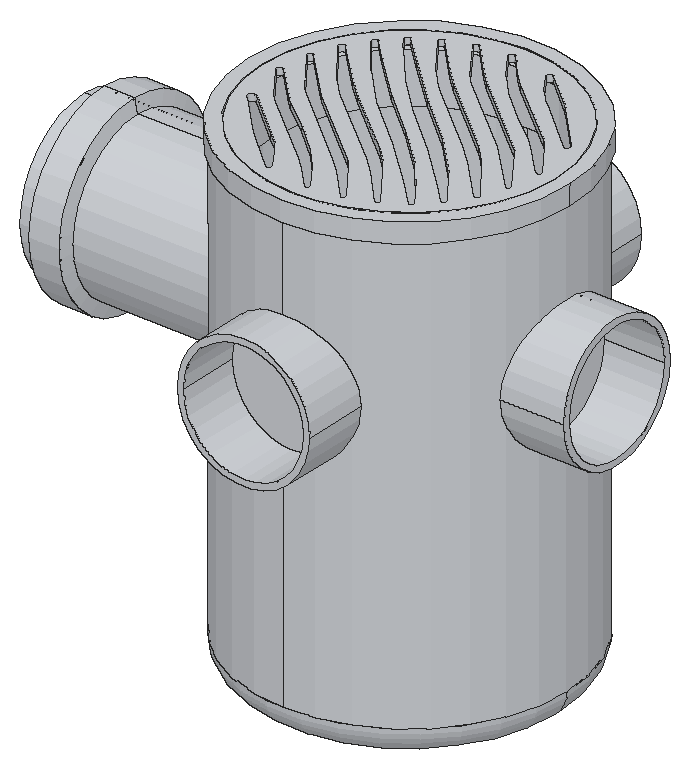
Revit family "Cx_Sifonada_100x150x50", category Plumbing Fixtures, host Face, Revit 2025
Family settings
  Host = Face
  Round Connector Dimension = Use Radius
  Part Type = Normal
  Enable Cutting in Views = No
  Cut with Voids When Loaded = No
  Maintain Annotation Orientation = No
  Shared = No
  Room Calculation Point = No
Parameters (values of type "Grelha e porta grelha redondos brancos - DN 100 x 150 x 50")
  URL = "http://www.tigre.com.br"
  UHC [instance] = 2
  Tigre: Sistema = "Esgoto"  # constant formula
  Tigre: Norma = ""
  Tigre: Material = "Branco"
  Tigre: Marcador [instance] = "00"
  Tigre: Link do Produto = "http://www.tigre.com.br/pt/produtos_unico.php?rcr_id=4&cpr_id=10&cpr_id_pai=4&lnh_id=11&prd_id=126"
  Tigre: Linha = "Caixas e Ralos"  # constant formula
  Tigre: Fabricante = "© Tigre S/A"  # constant formula
  Tigre: Descrição = "Caixa Sifonada Montada c/ Grelha e Porta Grelha, redondos brancos 100 x 150 x 50mm, Esgoto - TIGRE"
  Tigre: Código com Separador [instance] = "27.03.951.0"
  Tigre: Código = 27039510
  Tigre: Comentários [instance] = ""
  Raio do Corpo = 52.50 mm
  Raio Interno Porta Grelha = 48.70 mm
  Raio Externo Porta Grelha = 53.50 mm
  Raio do Anel = 31.40 mm
  Raio Nominal 2 = Diâmetro Nominal 2 / 2  # 20.00 mm
  Raio Nominal 1 = Diâmetro Nominal 1 / 2  # 25.00 mm
  Raio Externo 2 = Raio Nominal 2 + 2.00 mm  # 22.00 mm
  Raio Externo 1 = Raio Nominal 1 + 2.00 mm  # 27.00 mm
  Prolongador [instance] = Distância do Prolongador > 0.00 mm  # no
  Porta Grelha Redonda = yes
  Porta Grelha Quadrada = no
  Porta Grelha [instance] = none
  Plolongador. [instance] = none
  Model = ""
  Manufacturer = Tigre: Fabricante  # "© Tigre S/A"
  Grelha Redonda = yes
  Grelha Quadrada = no
  Grelha [instance] = none
  Diâmetro Nominal 2 = 40.00 mm
  Diâmetro Nominal 1 = 50.00 mm
  Description = Tigre: Descrição  # "Caixa Sifonada Montada c/ Grelha e Porta Grelha, redondos brancos 100 x 150 x 50mm, Esgoto - TIGRE"
  Default Elevation = 0.00 mm
  Cota L1 = 107.80 mm
  Distância do Prolongador [instance] = 0.00 mm
  Cota B = 105.00 mm
  Cota A = 155.00 mm
  Comprimento do Tubo [instance] = if(Distância do Prolongador > 0.00 mm, Distância do Prolongador + 15.00 mm, Distância do Prolongador + 1.00 mm)  # 1.00 mm
  Caixas e Ralos [instance] = none
  Anel = 10.00 mm
Reference planes
  plane 1 "Center (Front/Back)": y = 0
  plane 2: z = 0
  plane 3 "Center (Left/Right)": x = 0
  plane 4: z = -161.5
  plane 5: z = -6.5
  plane 6: z = -56.5
  plane 7: z = 0
  plane 8: z = -6.5
  plane 9: z = -2
Forms (mm)
  Sweep 1, solid, material <- "Caixas e Ralos", detail levels fine
    path origin (0, 0, 0) x (1, 0, 0) y (0, 0, 1)
      loop
        line (0, -6.5) -> (0, -151.5)
    profile origin (0, 0, -79) x (0, -1, 0) y (1, 0, 0)
      loop
        circle (0, 0) r 52.5
  Revolve 2, solid, material <- "Caixas e Ralos", detail levels fine
    sketch origin (0, 0, 0) x (1, 0, 0) y (0, 0, 1)
      loop
        line (0, -151.5) -> (-52.5, -151.5)
        arc (-52.5, -151.5) -> (-49.571, -158.571) -> (-42.5, -161.5) r 10
        line (-42.5, -161.5) -> (0, -161.5) -> (0, -151.5)
      axis (0, -151.5) -> (0, -161.5)
    angle from 0 to 360
  Sweep 3, solid, material <- "Caixas e Ralos", detail levels fine
    path origin (0, 0, 0) x (1, 0, 0) y (0, 0, 1)
      loop
        line (0, -56.5) -> (-107.8, -56.5)
    profile origin (-53.9, 0, -56.5) x (0, 0, -1) y (0, -1, 0)
      loop
        circle (0, 0) r 27
  Sweep 4, solid, material <- "Caixas e Ralos", detail levels fine
    path origin (-107.8, -4572, -56.5) x (0, -1, 0) y (1, 0, 0)
      loop
        line (-4640.9, 107.8) -> (-4503.1, 107.8)
    profile origin (0, 0, -56.5) x (1, 0, 0) y (0, 0, 1)
      loop
        circle (0, 0) r 22
  Sweep 5, solid, material <- "Caixas e Ralos", detail levels fine
    path origin (-107.8, -4572, -56.5) x (0, -1, 0) y (1, 0, 0)
      loop
        line (-4572, 107.8) -> (-4572, 176.7)
    profile origin (34.45, 0, -56.5) x (0, 1, 0) y (0, 0, 1)
      loop
        circle (0, 0) r 22
  SweptBlend 6, solid, material <- "Caixas e Ralos", detail levels fine
    path origin (0, 0, 0) x (1, 0, 0) y (0, 0, 1)
      loop
        line (-102.561, -56.5) -> (-101.221, -56.5)
    profile origin (-102.561, 0, -56.5) x (0, 0, 1) y (0, -1, 0)
      loop
        circle (0, 0) r 27
    end profile origin (-101.221, 0, -56.5) x (0, 0, 1) y (0, -1, 0)
      loop
        circle (0, 0) r 31.4
  Sweep 7, solid, material <- "Caixas e Ralos", detail levels fine
    path origin (0, 0, 0) x (1, 0, 0) y (0, 0, 1)
      loop
        line (-101.221, -56.5) -> (-91.221, -56.5)
    profile origin (-96.221, 0, -56.5) x (0, 0, 1) y (0, -1, 0)
      loop
        circle (0, 0) r 31.4
  SweptBlend 8, solid, material <- "Caixas e Ralos", detail levels fine
    path origin (0, 0, 0) x (1, 0, 0) y (0, 0, 1)
      loop
        line (-91.221, -56.5) -> (-90.287, -56.5)
    profile origin (-91.221, 0, -56.5) x (0, 0, 1) y (0, -1, 0)
      loop
        circle (0, 0) r 31.4
    end profile origin (-90.287, 0, -56.5) x (0, 0, 1) y (0, -1, 0)
      loop
        circle (0, 0) r 27
  Sweep 9, void
    path origin (0, 0, 0) x (1, 0, 0) y (0, 0, 1)
      loop
        line (0, -6.5) -> (0, -151.5)
    profile origin (0, 0, -79) x (0, -1, 0) y (1, 0, 0)
      loop
        circle (0, 0) r 48.75
  Extrusion 10, solid, material <- "Grelha", visible <- "Grelha Redonda", detail levels fine
    sketch origin (-107.8, -4572, -56.5) x (0, -1, 0) y (-1, 0, 0)
      loop
        line (-4613.963, -122.292) -> (-4603.88, -133.891)
        arc (-4603.88, -133.891) -> (-4602.17, -135.757) -> (-4600.365, -137.531) r 48.331
        line (-4600.365, -137.531) -> (-4588.06, -149.006)
        arc (-4588.06, -149.006) -> (-4586.306, -148.945) -> (-4586.365, -147.192) r 1.241
        arc (-4586.365, -147.192) -> (-4593.342, -139.947) -> (-4599.53, -132.019) r 96.922
        arc (-4599.53, -132.019) -> (-4602.756, -128.174) -> (-4606.601, -124.948) r 28.794
        line (-4606.601, -124.948) -> (-4612.583, -120.759)
        arc (-4612.583, -120.759) -> (-4613.951, -120.915) -> (-4613.963, -122.292) r 1.039
      loop
        line (-4616.038, -107.841) -> (-4609.045, -114.363)
        arc (-4609.045, -114.363) -> (-4607.045, -116.345) -> (-4605.17, -118.446) r 46.107
        line (-4605.17, -118.446) -> (-4585.908, -141.401)
        arc (-4585.908, -141.401) -> (-4584.719, -142.662) -> (-4583.393, -143.777) r 15
        line (-4583.393, -143.777) -> (-4572.372, -152.009)
        arc (-4572.372, -152.009) -> (-4570.975, -151.851) -> (-4571.044, -150.447) r 1.027
        line (-4571.044, -150.447) -> (-4581.132, -140.705)
        arc (-4581.132, -140.705) -> (-4582.454, -139.337) -> (-4583.677, -137.879) r 27.259
        line (-4583.677, -137.879) -> (-4591.133, -128.336)
        arc (-4591.133, -128.336) -> (-4595.322, -123.238) -> (-4599.756, -118.353) r 134.146
        arc (-4599.756, -118.353) -> (-4602.985, -115.245) -> (-4606.467, -112.425) r 52.299
        arc (-4606.467, -112.425) -> (-4610.631, -109.37) -> (-4614.824, -106.354) r 542.781
        arc (-4614.824, -106.354) -> (-4616.127, -106.529) -> (-4616.038, -107.841) r 0.962
      loop
        line (-4614.451, -97.201) -> (-4604.474, -106.504)
        arc (-4604.474, -106.504) -> (-4602.295, -108.664) -> (-4600.251, -110.954) r 50.253
        line (-4600.251, -110.954) -> (-4577.491, -138.078)
        arc (-4577.491, -138.078) -> (-4576.596, -139.028) -> (-4575.598, -139.867) r 11.29
        line (-4575.598, -139.867) -> (-4561.447, -150.436)
        arc (-4561.447, -150.436) -> (-4560.163, -150.291) -> (-4560.226, -149) r 0.944
        line (-4560.226, -149) -> (-4573.742, -135.948)
        arc (-4573.742, -135.948) -> (-4574.628, -135.047) -> (-4575.465, -134.1) r 24.143
        line (-4575.465, -134.1) -> (-4597.495, -107.846)
        arc (-4597.495, -107.846) -> (-4598.857, -106.411) -> (-4600.384, -105.152) r 16.207
        line (-4600.384, -105.152) -> (-4613.281, -95.782)
        arc (-4613.281, -95.782) -> (-4614.533, -95.941) -> (-4614.451, -97.201) r 0.921
      loop
        line (-4610.961, -88.448) -> (-4599.284, -99.338)
        arc (-4599.284, -99.338) -> (-4596.595, -102.003) -> (-4594.073, -104.828) r 61.998
        line (-4594.073, -104.828) -> (-4572.559, -130.469)
        arc (-4572.559, -130.469) -> (-4569.643, -133.595) -> (-4566.416, -136.4) r 40.846
        line (-4566.416, -136.4) -> (-4552.728, -147.095)
        arc (-4552.728, -147.095) -> (-4551.262, -146.953) -> (-4551.326, -145.481) r 1.07
        line (-4551.326, -145.481) -> (-4564.482, -132.776)
        arc (-4564.482, -132.776) -> (-4567.447, -129.76) -> (-4570.25, -126.592) r 80.789
        line (-4570.25, -126.592) -> (-4588.924, -104.337)
        arc (-4588.924, -104.337) -> (-4592.791, -100.235) -> (-4597.106, -96.606) r 48.8
        line (-4597.106, -96.606) -> (-4609.835, -87.099)
        arc (-4609.835, -87.099) -> (-4611.037, -87.24) -> (-4610.961, -88.448) r 0.88
      loop
        line (-4606.273, -80.985) -> (-4597.594, -89.664)
        arc (-4597.594, -89.664) -> (-4590.595, -96.912) -> (-4583.853, -104.4) r 288.662
        line (-4583.853, -104.4) -> (-4569.553, -120.851)
        arc (-4569.553, -120.851) -> (-4563.493, -127.181) -> (-4556.854, -132.901) r 91.322
        line (-4556.854, -132.901) -> (-4545.242, -141.973)
        arc (-4545.242, -141.973) -> (-4543.881, -141.842) -> (-4543.94, -140.475) r 0.994
        line (-4543.94, -140.475) -> (-4549.663, -134.949)
        arc (-4549.663, -134.949) -> (-4556.693, -127.857) -> (-4563.407, -120.466) r 228.86
        line (-4563.407, -120.466) -> (-4576.452, -105.46)
        arc (-4576.452, -105.46) -> (-4588.424, -93.089) -> (-4601.647, -82.066) r 161.164
        line (-4601.647, -82.066) -> (-4605.025, -79.543)
        arc (-4605.025, -79.543) -> (-4606.32, -79.683) -> (-4606.273, -80.985) r 0.956
      loop
        line (-4530.031, -93.415) -> (-4540.114, -81.815)
        arc (-4540.114, -81.815) -> (-4541.824, -79.95) -> (-4543.629, -78.176) r 48.331
        line (-4543.629, -78.176) -> (-4555.934, -66.701)
        arc (-4555.934, -66.701) -> (-4557.688, -66.761) -> (-4557.629, -68.515) r 1.241
        arc (-4557.629, -68.515) -> (-4550.653, -75.759) -> (-4544.464, -83.688) r 96.922
        arc (-4544.464, -83.688) -> (-4541.238, -87.532) -> (-4537.393, -90.759) r 28.794
        line (-4537.393, -90.759) -> (-4531.411, -94.947)
        arc (-4531.411, -94.947) -> (-4530.043, -94.792) -> (-4530.031, -93.415) r 1.039
      loop
        line (-4527.956, -107.866) -> (-4534.949, -101.344)
        arc (-4534.949, -101.344) -> (-4536.949, -99.362) -> (-4538.824, -97.261) r 46.107
        line (-4538.824, -97.261) -> (-4558.086, -74.306)
        arc (-4558.086, -74.306) -> (-4559.275, -73.045) -> (-4560.601, -71.929) r 15
        line (-4560.601, -71.929) -> (-4571.622, -63.698)
        arc (-4571.622, -63.698) -> (-4573.019, -63.856) -> (-4572.95, -65.259) r 1.027
        line (-4572.95, -65.259) -> (-4562.862, -75.001)
        arc (-4562.862, -75.001) -> (-4561.54, -76.37) -> (-4560.317, -77.828) r 27.259
        line (-4560.317, -77.828) -> (-4552.861, -87.371)
        arc (-4552.861, -87.371) -> (-4548.672, -92.469) -> (-4544.238, -97.354) r 134.146
        arc (-4544.238, -97.354) -> (-4541.009, -100.462) -> (-4537.527, -103.282) r 52.299
        arc (-4537.527, -103.282) -> (-4533.363, -106.337) -> (-4529.17, -109.353) r 542.781
        arc (-4529.17, -109.353) -> (-4527.867, -109.178) -> (-4527.956, -107.866) r 0.962
      loop
        line (-4529.543, -118.506) -> (-4539.52, -109.203)
        arc (-4539.52, -109.203) -> (-4541.699, -107.042) -> (-4543.743, -104.752) r 50.253
        line (-4543.743, -104.752) -> (-4566.503, -77.628)
        arc (-4566.503, -77.628) -> (-4567.398, -76.679) -> (-4568.396, -75.84) r 11.29
        line (-4568.396, -75.84) -> (-4582.547, -65.271)
        arc (-4582.547, -65.271) -> (-4583.831, -65.416) -> (-4583.768, -66.707) r 0.944
        line (-4583.768, -66.707) -> (-4570.252, -79.759)
        arc (-4570.252, -79.759) -> (-4569.366, -80.66) -> (-4568.529, -81.607) r 24.143
        line (-4568.529, -81.607) -> (-4546.499, -107.86)
        arc (-4546.499, -107.86) -> (-4545.137, -109.296) -> (-4543.61, -110.555) r 16.207
        line (-4543.61, -110.555) -> (-4530.713, -119.925)
        arc (-4530.713, -119.925) -> (-4529.461, -119.766) -> (-4529.543, -118.506) r 0.921
      loop
        line (-4533.033, -127.259) -> (-4544.71, -116.369)
        arc (-4544.71, -116.369) -> (-4547.399, -113.703) -> (-4549.921, -110.878) r 61.998
        line (-4549.921, -110.878) -> (-4571.435, -85.238)
        arc (-4571.435, -85.238) -> (-4574.351, -82.111) -> (-4577.578, -79.306) r 40.846
        line (-4577.578, -79.306) -> (-4591.266, -68.612)
        arc (-4591.266, -68.612) -> (-4592.732, -68.753) -> (-4592.668, -70.225) r 1.07
        line (-4592.668, -70.225) -> (-4579.512, -82.93)
        arc (-4579.512, -82.93) -> (-4576.547, -85.947) -> (-4573.744, -89.115) r 80.789
        line (-4573.744, -89.115) -> (-4555.071, -111.37)
        arc (-4555.071, -111.37) -> (-4551.203, -115.472) -> (-4546.888, -119.101) r 48.8
        line (-4546.888, -119.101) -> (-4534.159, -128.607)
        arc (-4534.159, -128.607) -> (-4532.957, -128.466) -> (-4533.033, -127.259) r 0.88
      loop
        line (-4537.721, -134.722) -> (-4546.4, -126.042)
        arc (-4546.4, -126.042) -> (-4553.399, -118.795) -> (-4560.141, -111.307) r 288.662
        line (-4560.141, -111.307) -> (-4574.441, -94.856)
        arc (-4574.441, -94.856) -> (-4580.501, -88.526) -> (-4587.14, -82.806) r 91.322
        line (-4587.14, -82.806) -> (-4598.752, -73.734)
        arc (-4598.752, -73.734) -> (-4600.113, -73.865) -> (-4600.054, -75.232) r 0.994
        line (-4600.054, -75.232) -> (-4594.331, -80.758)
        arc (-4594.331, -80.758) -> (-4587.301, -87.849) -> (-4580.587, -95.24) r 228.86
        line (-4580.587, -95.24) -> (-4567.542, -110.247)
        arc (-4567.542, -110.247) -> (-4555.57, -122.618) -> (-4542.347, -133.641) r 161.164
        line (-4542.347, -133.641) -> (-4538.969, -136.164)
        arc (-4538.969, -136.164) -> (-4537.674, -136.024) -> (-4537.721, -134.722) r 0.956
      loop
        circle (-4571.997, -107.791) r 48.6
    from -56.5 to -54.5
  Extrusion 11, solid, material <- "Grelha", visible <- "Grelha Quadrada", detail levels fine
    sketch origin (-107.8, -4572, -56.5) x (0, -1, 0) y (-1, 0, 0)
      loop
        line (-4613.966, -122.238) -> (-4603.883, -133.838)
        arc (-4603.883, -133.838) -> (-4602.173, -135.704) -> (-4600.368, -137.477) r 48.331
        line (-4600.368, -137.477) -> (-4588.063, -148.953)
        arc (-4588.063, -148.953) -> (-4586.309, -148.892) -> (-4586.368, -147.138) r 1.241
        arc (-4586.368, -147.138) -> (-4593.344, -139.894) -> (-4599.533, -131.966) r 96.922
        arc (-4599.533, -131.966) -> (-4602.759, -128.121) -> (-4606.604, -124.895) r 28.794
        line (-4606.604, -124.895) -> (-4612.586, -120.706)
        arc (-4612.586, -120.706) -> (-4613.954, -120.862) -> (-4613.966, -122.238) r 1.039
      loop
        line (-4616.041, -107.788) -> (-4609.048, -114.309)
        arc (-4609.048, -114.309) -> (-4607.048, -116.292) -> (-4605.173, -118.393) r 46.107
        line (-4605.173, -118.393) -> (-4585.911, -141.348)
        arc (-4585.911, -141.348) -> (-4584.722, -142.609) -> (-4583.396, -143.724) r 15
        line (-4583.396, -143.724) -> (-4572.375, -151.955)
        arc (-4572.375, -151.955) -> (-4570.978, -151.798) -> (-4571.047, -150.394) r 1.027
        line (-4571.047, -150.394) -> (-4581.135, -140.652)
        arc (-4581.135, -140.652) -> (-4582.457, -139.283) -> (-4583.68, -137.826) r 27.259
        line (-4583.68, -137.826) -> (-4591.136, -128.283)
        arc (-4591.136, -128.283) -> (-4595.325, -123.185) -> (-4599.759, -118.299) r 134.146
        arc (-4599.759, -118.299) -> (-4602.988, -115.191) -> (-4606.47, -112.372) r 52.299
        arc (-4606.47, -112.372) -> (-4610.634, -109.316) -> (-4614.827, -106.301) r 542.781
        arc (-4614.827, -106.301) -> (-4616.13, -106.476) -> (-4616.041, -107.788) r 0.962
      loop
        line (-4614.454, -97.147) -> (-4604.477, -106.45)
        arc (-4604.477, -106.45) -> (-4602.298, -108.611) -> (-4600.254, -110.901) r 50.253
        line (-4600.254, -110.901) -> (-4577.494, -138.025)
        arc (-4577.494, -138.025) -> (-4576.599, -138.974) -> (-4575.601, -139.814) r 11.29
        line (-4575.601, -139.814) -> (-4561.45, -150.382)
        arc (-4561.45, -150.382) -> (-4560.166, -150.237) -> (-4560.229, -148.947) r 0.944
        line (-4560.229, -148.947) -> (-4573.745, -135.895)
        arc (-4573.745, -135.895) -> (-4574.631, -134.993) -> (-4575.468, -134.047) r 24.143
        line (-4575.468, -134.047) -> (-4597.498, -107.793)
        arc (-4597.498, -107.793) -> (-4598.86, -106.358) -> (-4600.387, -105.099) r 16.207
        line (-4600.387, -105.099) -> (-4613.284, -95.728)
        arc (-4613.284, -95.728) -> (-4614.536, -95.888) -> (-4614.454, -97.147) r 0.921
      loop
        line (-4610.964, -88.395) -> (-4599.287, -99.284)
        arc (-4599.287, -99.284) -> (-4596.598, -101.95) -> (-4594.076, -104.775) r 61.998
        line (-4594.076, -104.775) -> (-4572.562, -130.415)
        arc (-4572.562, -130.415) -> (-4569.646, -133.542) -> (-4566.419, -136.347) r 40.846
        line (-4566.419, -136.347) -> (-4552.731, -147.041)
        arc (-4552.731, -147.041) -> (-4551.265, -146.9) -> (-4551.329, -145.428) r 1.07
        line (-4551.329, -145.428) -> (-4564.485, -132.723)
        arc (-4564.485, -132.723) -> (-4567.45, -129.706) -> (-4570.253, -126.538) r 80.789
        line (-4570.253, -126.538) -> (-4588.926, -104.284)
        arc (-4588.926, -104.284) -> (-4592.794, -100.181) -> (-4597.109, -96.552) r 48.8
        line (-4597.109, -96.552) -> (-4609.838, -87.046)
        arc (-4609.838, -87.046) -> (-4611.04, -87.187) -> (-4610.964, -88.395) r 0.88
      loop
        line (-4606.276, -80.932) -> (-4597.597, -89.611)
        arc (-4597.597, -89.611) -> (-4590.598, -96.859) -> (-4583.856, -104.347) r 288.662
        line (-4583.856, -104.347) -> (-4569.556, -120.797)
        arc (-4569.556, -120.797) -> (-4563.496, -127.127) -> (-4556.857, -132.847) r 91.322
        line (-4556.857, -132.847) -> (-4545.245, -141.92)
        arc (-4545.245, -141.92) -> (-4543.884, -141.788) -> (-4543.943, -140.422) r 0.994
        line (-4543.943, -140.422) -> (-4549.666, -134.895)
        arc (-4549.666, -134.895) -> (-4556.696, -127.804) -> (-4563.41, -120.413) r 228.86
        line (-4563.41, -120.413) -> (-4576.455, -105.406)
        arc (-4576.455, -105.406) -> (-4588.427, -93.036) -> (-4601.65, -82.012) r 161.164
        line (-4601.65, -82.012) -> (-4605.028, -79.489)
        arc (-4605.028, -79.489) -> (-4606.323, -79.63) -> (-4606.276, -80.932) r 0.956
      loop
        line (-4530.034, -93.362) -> (-4540.117, -81.762)
        arc (-4540.117, -81.762) -> (-4541.827, -79.896) -> (-4543.632, -78.123) r 48.331
        line (-4543.632, -78.123) -> (-4555.937, -66.647)
        arc (-4555.937, -66.647) -> (-4557.691, -66.708) -> (-4557.632, -68.462) r 1.241
        arc (-4557.632, -68.462) -> (-4550.656, -75.706) -> (-4544.467, -83.634) r 96.922
        arc (-4544.467, -83.634) -> (-4541.241, -87.479) -> (-4537.396, -90.705) r 28.794
        line (-4537.396, -90.705) -> (-4531.414, -94.894)
        arc (-4531.414, -94.894) -> (-4530.046, -94.738) -> (-4530.034, -93.362) r 1.039
      loop
        line (-4527.959, -107.812) -> (-4534.952, -101.291)
        arc (-4534.952, -101.291) -> (-4536.952, -99.308) -> (-4538.827, -97.207) r 46.107
        line (-4538.827, -97.207) -> (-4558.089, -74.252)
        arc (-4558.089, -74.252) -> (-4559.278, -72.991) -> (-4560.604, -71.876) r 15
        line (-4560.604, -71.876) -> (-4571.625, -63.645)
        arc (-4571.625, -63.645) -> (-4573.022, -63.802) -> (-4572.953, -65.206) r 1.027
        line (-4572.953, -65.206) -> (-4562.865, -74.948)
        arc (-4562.865, -74.948) -> (-4561.543, -76.317) -> (-4560.32, -77.774) r 27.259
        line (-4560.32, -77.774) -> (-4552.864, -87.317)
        arc (-4552.864, -87.317) -> (-4548.675, -92.415) -> (-4544.241, -97.301) r 134.146
        arc (-4544.241, -97.301) -> (-4541.012, -100.409) -> (-4537.53, -103.228) r 52.299
        arc (-4537.53, -103.228) -> (-4533.366, -106.284) -> (-4529.173, -109.299) r 542.781
        arc (-4529.173, -109.299) -> (-4527.87, -109.124) -> (-4527.959, -107.812) r 0.962
      loop
        line (-4529.546, -118.453) -> (-4539.523, -109.15)
        arc (-4539.523, -109.15) -> (-4541.702, -106.989) -> (-4543.746, -104.699) r 50.253
        line (-4543.746, -104.699) -> (-4566.506, -77.575)
        arc (-4566.506, -77.575) -> (-4567.401, -76.626) -> (-4568.399, -75.786) r 11.29
        line (-4568.399, -75.786) -> (-4582.55, -65.218)
        arc (-4582.55, -65.218) -> (-4583.834, -65.363) -> (-4583.771, -66.653) r 0.944
        line (-4583.771, -66.653) -> (-4570.255, -79.705)
        arc (-4570.255, -79.705) -> (-4569.369, -80.607) -> (-4568.532, -81.553) r 24.143
        line (-4568.532, -81.553) -> (-4546.502, -107.807)
        arc (-4546.502, -107.807) -> (-4545.14, -109.242) -> (-4543.613, -110.501) r 16.207
        line (-4543.613, -110.501) -> (-4530.716, -119.872)
        arc (-4530.716, -119.872) -> (-4529.464, -119.712) -> (-4529.546, -118.453) r 0.921
      loop
        line (-4533.036, -127.205) -> (-4544.713, -116.316)
        arc (-4544.713, -116.316) -> (-4547.402, -113.65) -> (-4549.924, -110.825) r 61.998
        line (-4549.924, -110.825) -> (-4571.438, -85.185)
        arc (-4571.438, -85.185) -> (-4574.354, -82.058) -> (-4577.581, -79.253) r 40.846
        line (-4577.581, -79.253) -> (-4591.269, -68.559)
        arc (-4591.269, -68.559) -> (-4592.735, -68.7) -> (-4592.671, -70.172) r 1.07
        line (-4592.671, -70.172) -> (-4579.515, -82.877)
        arc (-4579.515, -82.877) -> (-4576.55, -85.894) -> (-4573.747, -89.062) r 80.789
        line (-4573.747, -89.062) -> (-4555.074, -111.316)
        arc (-4555.074, -111.316) -> (-4551.206, -115.419) -> (-4546.891, -119.048) r 48.8
        line (-4546.891, -119.048) -> (-4534.162, -128.554)
        arc (-4534.162, -128.554) -> (-4532.96, -128.413) -> (-4533.036, -127.205) r 0.88
      loop
        line (-4537.724, -134.668) -> (-4546.403, -125.989)
        arc (-4546.403, -125.989) -> (-4553.402, -118.741) -> (-4560.144, -111.253) r 288.662
        line (-4560.144, -111.253) -> (-4574.444, -94.803)
        arc (-4574.444, -94.803) -> (-4580.504, -88.473) -> (-4587.143, -82.753) r 91.322
        line (-4587.143, -82.753) -> (-4598.755, -73.68)
        arc (-4598.755, -73.68) -> (-4600.116, -73.812) -> (-4600.057, -75.178) r 0.994
        line (-4600.057, -75.178) -> (-4594.334, -80.705)
        arc (-4594.334, -80.705) -> (-4587.304, -87.796) -> (-4580.59, -95.187) r 228.86
        line (-4580.59, -95.187) -> (-4567.545, -110.194)
        arc (-4567.545, -110.194) -> (-4555.573, -122.564) -> (-4542.35, -133.588) r 161.164
        line (-4542.35, -133.588) -> (-4538.972, -136.111)
        arc (-4538.972, -136.111) -> (-4537.677, -135.97) -> (-4537.724, -134.668) r 0.956
      loop
        line (-4619.25, -60.55) -> (-4619.25, -155.05) -> (-4524.75, -155.05) -> (-4524.75, -60.55) -> (-4619.25, -60.55)
    from -56.5 to -54.5
  Extrusion 12, solid, material <- "Porta Grelha", visible <- "Porta Grelha Quadrada", detail levels fine
    sketch origin (-107.8, -4572, -56.5) x (0, -1, 0) y (-1, 0, 0)
      loop
        line (-4622, -57.8) -> (-4622, -157.8) -> (-4522, -157.8) -> (-4522, -57.8) -> (-4622, -57.8)
      loop
        line (-4524.5, -60.3) -> (-4619.5, -60.3) -> (-4619.5, -155.3) -> (-4524.5, -155.3) -> (-4524.5, -60.3)
    from -56.5 to -50
  Extrusion 13, solid, material <- "Porta Grelha", visible <- "Porta Grelha Quadrada", detail levels fine
    sketch origin (-107.8, -4572, -56.5) x (0, -1, 0) y (-1, 0, 0)
      loop
        line (-4619.5, -60.3) -> (-4619.5, -155.3) -> (-4524.5, -155.3) -> (-4524.5, -60.3) -> (-4619.5, -60.3)
      loop
        circle (-4572, -107.8) r 46.47
    from -52 to -50
  Sweep 14, solid, material <- "Porta Grelha", visible <- "Porta Grelha Redonda", detail levels fine
    path origin (0, 0, 0) x (1, 0, 0) y (0, 0, 1)
      loop
        line (0, -6.5) -> (0, 0)
    profile origin (0, 0, -3.25) x (-1, 0, 0) y (0, -1, 0)
      loop
        circle (0, 0) r 53.5
      loop
        circle (0, 0) r 48.75
  Revolve 15, solid, material <- "Porta Grelha", visible <- "Porta Grelha Redonda", detail levels fine
    sketch origin (0, 0, 0) x (1, 0, 0) y (0, 0, 1)
      loop
        line (-47.748, -21.5) -> (-46.47, -21.5) -> (-46.47, -4.5) -> (-48.75, -4.5) -> (-48.75, -6.5) -> (-47.748, -6.5) -> (-47.748, -21.5)
      axis (0, -21.5) -> (0, -4.5)
    angle from 0 to 360
  Sweep 16, solid, material <- "Porta Grelha", visible <- "Porta Grelha Quadrada", detail levels fine
    path origin (0, 0, 0) x (1, 0, 0) y (0, 0, 1)
      loop
        line (0, -4.5) -> (0, -21.5)
    profile origin (0, 0, -13) x (0, -1, 0) y (1, 0, 0)
      loop
        circle (0, 0) r 46.47
      loop
        circle (0, 0) r 47.748
  Sweep 17, void
    path origin (-107.8, -4572, -56.5) x (0, -1, 0) y (1, 0, 0)
      loop
        line (-4572, 176.7) -> (-4572, 156.55)
    profile origin (58.825, 0, -56.5) x (0, -1, 0) y (0, 0, 1)
      loop
        circle (0, 0) r 20
  Sweep 18, void
    path origin (4572, -107.8, -56.5) x (1, 0, 0) y (0, 1, 0)
      loop
        line (-4572, 176.7) -> (-4572, 156.55)
    profile origin (0, 58.825, -56.5) x (1, 0, 0) y (0, 0, 1)
      loop
        circle (0, 0) r 20
  Sweep 19, void
    path origin (4572, 107.8, -56.5) x (-1, 0, 0) y (0, -1, 0)
      loop
        line (4572, 176.7) -> (4572, 156.55)
    profile origin (0, -58.825, -56.5) x (-1, 0, 0) y (0, 0, 1)
      loop
        circle (0, 0) r 20
  Sweep 20, void
    path origin (-107.8, -4572, -56.5) x (0, -1, 0) y (1, 0, 0)
      loop
        line (-4572, 0) -> (-4572, 42.419)
    profile origin (-86.59, 0, -56.5) x (0, 1, 0) y (0, 0, 1)
      loop
        circle (0, 0) r 25
Cuts and joins
  Sweep 9, Sweep 17, Sweep 18, Sweep 19, Sweep 20 cuts Sweep 1
  Sweep 9, Sweep 17, Sweep 18, Sweep 19, Sweep 20 cuts Revolve 2
  Sweep 9, Sweep 17, Sweep 18, Sweep 19, Sweep 20 cuts Sweep 3
  Sweep 9, Sweep 17, Sweep 18, Sweep 19, Sweep 20 cuts Sweep 4
  Sweep 9, Sweep 17, Sweep 18, Sweep 19, Sweep 20 cuts Sweep 5
  Sweep 9, Sweep 17, Sweep 18, Sweep 19, Sweep 20 cuts SweptBlend 6
  Sweep 9, Sweep 17, Sweep 18, Sweep 19, Sweep 20 cuts Sweep 7
  Sweep 9, Sweep 17, Sweep 18, Sweep 19, Sweep 20 cuts SweptBlend 8
  joined: Sweep 1, Revolve 2, Sweep 3, Sweep 4, Sweep 5, SweptBlend 6, Sweep 7, SweptBlend 8
  joined: Extrusion 12, Extrusion 13, Sweep 16
  joined: Sweep 14, Revolve 15
Lines and regions (mm)
  model lines, detail levels coarse+medium
    curve 1: line (-65.381, 0, -56.5) -> (-40, 0, -56.5)
    curve 2: line (0, 48.75, -56.5) -> (0, 40, -56.5)
    curve 3: line (-22, 48.75, -56.5) -> (22, 48.75, -56.5)
    curve 4: line (48.75, 22, -56.5) -> (48.75, -22, -56.5)
    curve 5: line (-22, -48.75, -56.5) -> (22, -48.75, -56.5)
    curve 6: line (-65.381, 22, -56.5) -> (-65.381, -22, -56.5)
    curve 7: circle (0, 0, -56.5) r 40 normal (0, 0, -1)
    curve 8: line (40, 0, -56.5) -> (48.75, 0, -56.5)
    curve 9: line (0, -48.75, -56.5) -> (0, -40, -56.5)
Dimensions and locks
  "Cota A": plane 5 to plane 4
  "Cota B": plane 6 to plane 4
  Sweep 1 to plane 4 = 10.00 mm
  "Cota L1": plane 3 "Center (Left/Right)" to Sweep 3 sketch curve
  plane 3 "Center (Left/Right)" to Sweep 5 sketch curve = 68.90 mm
  locked: cut or joined group of Sweep 1, Revolve 2, Sweep 3, Sweep 4, Sweep 5, SweptBlend 6, Sweep 7, SweptBlend 8, Sweep 9, Sweep 17, Sweep 18, Sweep 19, Sweep 20 to SweptBlend 6 sketch curve at 5.239
  locked: SweptBlend 6 sketch curve to SweptBlend 6 sketch curve at 1.34
  "Anel": Sweep 7 sketch curve to Sweep 7 sketch curve
  locked: SweptBlend 8 sketch curve to SweptBlend 8 sketch curve at 0.934
  Sweep 9 sketch curve to plane 4 = 10.00 mm
  level to plane 9 to plane 8 = 2.00 mm locked, 4.50 mm locked
  locked: Extrusion 13 to plane 8 at 2
  locked: plane 8 to Revolve 15 sketch curve at 15
  "Distância do Prolongador": plane 8 to plane 5
  "Raio do Corpo": radius of Sweep 1 sketch curve
  "Raio Externo 2": radius of Sweep 4 sketch curve
  "Raio Externo 2": radius of Sweep 5 sketch curve
  "Raio Externo 1": radius of Sweep 3 sketch curve
  "Raio do Anel": radius of SweptBlend 6 sketch curve
  "Raio Externo 1": radius of SweptBlend 8 sketch curve
  "Raio Nominal 2": radius of Sweep 17 sketch curve
  "Raio Nominal 2": radius of Sweep 18 sketch curve
  "Raio Nominal 2": radius of Sweep 19 sketch curve
  "Raio Nominal 1": radius of Sweep 20 sketch curve
  aligned and locked: plane 2 to host face
  aligned and locked: level to host face
  aligned and locked: plane 5 to Sweep 1 sketch curve
  aligned and locked: Sweep 1 sketch curve to plane 3 "Center (Left/Right)"
  aligned and locked: Revolve 2 sketch curve to plane 3 "Center (Left/Right)"  (x2)
  aligned and locked: plane 4 to Revolve 2 sketch curve
  aligned and locked: Revolve 2 sketch curve to plane 4
  aligned and locked: Sweep 4 sketch curve to plane 3 "Center (Left/Right)"
  aligned and locked: plane 1 "Center (Front/Back)" to Sweep 5 sketch curve
  aligned and locked: plane 3 "Center (Left/Right)" to Sweep 5 sketch curve
  aligned and locked: SweptBlend 6 sketch curve to Sweep 3  (x2)
  aligned and locked: Sweep 3 sketch curve to plane 6
  aligned and locked: plane 6 to SweptBlend 6 sketch curve
  aligned and locked: cut or joined group of Sweep 1, Revolve 2, Sweep 3, Sweep 4, Sweep 5, SweptBlend 6, Sweep 7, SweptBlend 8, Sweep 9, Sweep 17, Sweep 18, Sweep 19, Sweep 20 to Sweep 7 sketch curve
  aligned and locked: Sweep 7 sketch curve to cut or joined group of Sweep 1, Revolve 2, Sweep 3, Sweep 4, Sweep 5, SweptBlend 6, Sweep 7, SweptBlend 8, Sweep 9, Sweep 17, Sweep 18, Sweep 19, Sweep 20  (x2)
  aligned and locked: Sweep 7 to SweptBlend 8 sketch curve
  aligned and locked: SweptBlend 8 sketch curve to Sweep 7  (x2)
  aligned and locked: plane 5 to Sweep 9 sketch curve
  aligned and locked: level to plane 7
  aligned and locked: level to Extrusion 10
  aligned and locked: Extrusion 10 to plane 9
  aligned and locked: level to Extrusion 11
  aligned and locked: Extrusion 11 to plane 9
  aligned and locked: level to Extrusion 12
  aligned and locked: plane 8 to Extrusion 12
  aligned: Extrusion 13 to plane 5
  aligned and locked: plane 8 to Extrusion 13
  aligned and locked: level to Sweep 14 sketch curve
  aligned and locked: plane 8 to Sweep 14 sketch curve
  aligned and locked: plane 3 "Center (Left/Right)" to Sweep 14 sketch curve
  aligned and locked: Revolve 15 sketch curve to plane 3 "Center (Left/Right)"
  aligned and locked: plane 8 to Revolve 15 sketch curve
  aligned and locked: cut or joined group of Extrusion 12, Extrusion 13, Sweep 16 to Revolve 15 sketch curve
  aligned and locked: cut or joined group of Sweep 14, Revolve 15 to Sweep 16 sketch curve
  aligned and locked: Sweep 16 sketch curve to plane 3 "Center (Left/Right)"
  aligned and locked: cut or joined group of Extrusion 12, Extrusion 13, Sweep 16 to Sweep 16 sketch curve
  aligned and locked: plane 8 to nested 1
  aligned and locked: curve 4 to cut or joined group of Sweep 1, Revolve 2, Sweep 3, Sweep 4, Sweep 5, SweptBlend 6, Sweep 7, SweptBlend 8, Sweep 9, Sweep 17, Sweep 18, Sweep 19, Sweep 20
  aligned and locked: curve 3 to cut or joined group of Sweep 1, Revolve 2, Sweep 3, Sweep 4, Sweep 5, SweptBlend 6, Sweep 7, SweptBlend 8, Sweep 9, Sweep 17, Sweep 18, Sweep 19, Sweep 20
  aligned and locked: curve 5 to cut or joined group of Sweep 1, Revolve 2, Sweep 3, Sweep 4, Sweep 5, SweptBlend 6, Sweep 7, SweptBlend 8, Sweep 9, Sweep 17, Sweep 18, Sweep 19, Sweep 20
  aligned and locked: curve 6 to cut or joined group of Sweep 1, Revolve 2, Sweep 3, Sweep 4, Sweep 5, SweptBlend 6, Sweep 7, SweptBlend 8, Sweep 9, Sweep 17, Sweep 18, Sweep 19, Sweep 20
Automatic sketch dimensions
  host sketch curve to host sketch curve = 213.895 mm
  host sketch curve to host sketch curve = 203.078 mm
  plane 4 to Sweep 1 sketch curve = 10.00 mm
  plane 1 "Center (Front/Back)" to Sweep 1 sketch curve = 0.00 mm
  Sweep 1 sketch curve to profile plane = 0.00 mm
  Revolve 2 sketch curve to plane 4 = 0.00 mm
  plane 4 to Revolve 2 sketch curve = 10.00 mm
  Revolve 2 sketch curve to plane 3 "Center (Left/Right)" = 42.50 mm
  Revolve 2 sketch curve to plane 4 = 7.21 mm
  Sweep 3 sketch curve to plane 3 "Center (Left/Right)" = 0.00 mm
  Sweep 3 sketch curve to plane 1 "Center (Front/Back)" = 0.00 mm
  Sweep 3 sketch curve to profile plane = 0.00 mm
  Sweep 4 sketch curve to plane 1 "Center (Front/Back)" = 68.90 mm
  plane 1 "Center (Front/Back)" to Sweep 4 sketch curve = 68.90 mm
  Sweep 4 sketch curve to plane 6 = 0.00 mm
  profile plane to Sweep 4 sketch curve = 0.00 mm
  plane 6 to Sweep 5 sketch curve = 0.00 mm
  Sweep 5 sketch curve to profile plane = 0.00 mm
  SweptBlend 6 sketch curve to plane 1 "Center (Front/Back)" = 0.00 mm
  profile plane to SweptBlend 6 sketch curve = 0.00 mm
  Sweep 7 sketch curve to plane 6 = 0.00 mm
  SweptBlend 8 sketch curve to plane 6 = 0.00 mm
  SweptBlend 8 sketch curve to plane 1 "Center (Front/Back)" = 0.00 mm
  profile plane to SweptBlend 8 sketch curve = 0.00 mm
  Sweep 9 sketch curve to plane 3 "Center (Left/Right)" = 0.00 mm
  Sweep 9 sketch curve to Sweep 9 sketch curve = 0.00 mm  (x2)
  Sweep 9 sketch curve to profile plane = 0.00 mm
  plane 1 "Center (Front/Back)" to Sweep 9 sketch curve = 0.00 mm
  Sweep 9 sketch curve to plane 1 "Center (Front/Back)" = 48.75 mm
  curve 2 to plane 3 "Center (Left/Right)" = 0.00 mm
  plane 1 "Center (Front/Back)" to curve 8 = 0.00 mm
  plane 1 "Center (Front/Back)" to curve 7 = 0.00 mm
  plane 1 "Center (Front/Back)" to curve 1 = 0.00 mm
  curve 9 to plane 3 "Center (Left/Right)" = 0.00 mm
  curve 7 to plane 3 "Center (Left/Right)" = 0.00 mm
  curve 6 to plane 1 "Center (Front/Back)" = 22.00 mm
  curve 4 to plane 1 "Center (Front/Back)" = 22.00 mm
  curve 8 to curve 4 = 22.00 mm
  curve 1 to curve 6 = 22.00 mm
  curve 9 to curve 9 = 8.75 mm
  curve 3 to plane 3 "Center (Left/Right)" = 22.00 mm
  curve 5 to plane 3 "Center (Left/Right)" = 22.00 mm
  curve 2 to curve 3 = 22.00 mm
  curve 9 to curve 5 = 22.00 mm
  Extrusion 10 sketch curve to plane 1 "Center (Front/Back)" = 357.643 mm
  Extrusion 10 sketch curve to plane 1 "Center (Front/Back)" = 229.709 mm
  Extrusion 10 sketch curve to Extrusion 10 sketch curve = 48.399 mm  (x2)
  Extrusion 10 sketch curve to Extrusion 10 sketch curve = 55.227 mm  (x2)
  Extrusion 10 sketch curve to Extrusion 10 sketch curve = 1.242 mm  (x2)
  Extrusion 10 sketch curve to plane 1 "Center (Front/Back)" = 71.363 mm
  Extrusion 10 sketch curve to Extrusion 10 sketch curve = 1.797 mm
  Extrusion 10 sketch curve to Extrusion 10 sketch curve = 1.077 mm
  Extrusion 10 sketch curve to Extrusion 10 sketch curve = 2.819 mm  (x2)
  Extrusion 10 sketch curve to Extrusion 10 sketch curve = 5.756 mm  (x2)
  Extrusion 10 sketch curve to Extrusion 10 sketch curve = 3.114 mm  (x2)
  Extrusion 10 sketch curve to Extrusion 10 sketch curve = 9.326 mm  (x2)
  Extrusion 10 sketch curve to Extrusion 10 sketch curve = 2.448 mm  (x2)
  Extrusion 10 sketch curve to Extrusion 10 sketch curve = 0.742 mm  (x2)
  plane 3 "Center (Left/Right)" to Extrusion 10 sketch curve = 0.041 mm
  Extrusion 10 sketch curve to Extrusion 10 sketch curve = 10.268 mm
  Extrusion 10 sketch curve to Extrusion 10 sketch curve = 0.656 mm  (x3)
  Extrusion 10 sketch curve to Extrusion 10 sketch curve = 0.558 mm  (x2)
  Extrusion 10 sketch curve to Extrusion 10 sketch curve = 0.00 mm  (x10)
  Extrusion 10 sketch curve to plane 3 "Center (Left/Right)" = 10.599 mm
  Extrusion 10 sketch curve to Extrusion 10 sketch curve = 0.374 mm  (x2)
  plane 3 "Center (Left/Right)" to Extrusion 10 sketch curve = 14.492 mm
  Extrusion 10 sketch curve to Extrusion 10 sketch curve = 2.075 mm
  Extrusion 10 sketch curve to Extrusion 10 sketch curve = 0.628 mm  (x2)
  Extrusion 10 sketch curve to plane 3 "Center (Left/Right)" = 12.018 mm
  Extrusion 10 sketch curve to Extrusion 10 sketch curve = 0.541 mm  (x2)
  Extrusion 10 sketch curve to Extrusion 10 sketch curve = 0.784 mm  (x2)
  plane 3 "Center (Left/Right)" to Extrusion 10 sketch curve = 12.959 mm
  Extrusion 10 sketch curve to Extrusion 10 sketch curve = 0.596 mm  (x2)
  Extrusion 10 sketch curve to Extrusion 10 sketch curve = 2.32 mm  (x2)
  Extrusion 10 sketch curve to Extrusion 10 sketch curve = 0.60 mm  (x2)
  Extrusion 10 sketch curve to Extrusion 10 sketch curve = 2.673 mm  (x2)
  Extrusion 10 sketch curve to Extrusion 10 sketch curve = 0.527 mm  (x2)
  plane 3 "Center (Left/Right)" to Extrusion 10 sketch curve = 6.563 mm
  Extrusion 10 sketch curve to Extrusion 10 sketch curve = 0.865 mm  (x2)
  Extrusion 10 sketch curve to Extrusion 10 sketch curve = 5.982 mm
  Extrusion 10 sketch curve to Extrusion 10 sketch curve = 2.577 mm  (x2)
  Extrusion 10 sketch curve to Extrusion 10 sketch curve = 3.561 mm  (x2)
  Extrusion 10 sketch curve to Extrusion 10 sketch curve = 0.676 mm  (x3)
  Extrusion 10 sketch curve to Extrusion 10 sketch curve = 4.741 mm
  Extrusion 10 sketch curve to Extrusion 10 sketch curve = 0.572 mm  (x2)
  Extrusion 10 sketch curve to plane 3 "Center (Left/Right)" = 1.296 mm
  Extrusion 10 sketch curve to Extrusion 10 sketch curve = 1.993 mm
  Extrusion 10 sketch curve to Extrusion 10 sketch curve = 2.721 mm
  Extrusion 10 sketch curve to Extrusion 10 sketch curve = 3.742 mm  (x2)
  Extrusion 10 sketch curve to Extrusion 10 sketch curve = 3.378 mm  (x2)
  Extrusion 10 sketch curve to plane 3 "Center (Left/Right)" = 2.648 mm
  Extrusion 10 sketch curve to Extrusion 10 sketch curve = 4.091 mm  (x2)
  Extrusion 10 sketch curve to Extrusion 10 sketch curve = 3.514 mm
  plane 3 "Center (Left/Right)" to Extrusion 10 sketch curve = 3.154 mm
  Extrusion 10 sketch curve to Extrusion 10 sketch curve = 2.475 mm  (x2)
  Extrusion 10 sketch curve to Extrusion 10 sketch curve = 4.972 mm
  Extrusion 10 sketch curve to Extrusion 10 sketch curve = 5.414 mm  (x2)
  Extrusion 10 sketch curve to Extrusion 10 sketch curve = 4.35 mm  (x2)
  Extrusion 10 sketch curve to Extrusion 10 sketch curve = 0.69 mm  (x2)
  Extrusion 10 sketch curve to plane 3 "Center (Left/Right)" = 8.462 mm
  Extrusion 10 sketch curve to Extrusion 10 sketch curve = 1.10 mm
  Extrusion 10 sketch curve to Extrusion 10 sketch curve = 0.612 mm  (x2)
  Extrusion 10 sketch curve to Extrusion 10 sketch curve = 4.053 mm
  plane 3 "Center (Left/Right)" to Extrusion 10 sketch curve = 0.046 mm
  Extrusion 10 sketch curve to Extrusion 10 sketch curve = 2.889 mm  (x2)
  Extrusion 10 sketch curve to plane 3 "Center (Left/Right)" = 11.194 mm
  Extrusion 10 sketch curve to Extrusion 10 sketch curve = 2.178 mm  (x2)
  Extrusion 10 sketch curve to Extrusion 10 sketch curve = 7.316 mm
  Extrusion 10 sketch curve to plane 3 "Center (Left/Right)" = 2.972 mm
  Extrusion 10 sketch curve to Extrusion 10 sketch curve = 3.421 mm  (x2)
  Extrusion 10 sketch curve to Extrusion 10 sketch curve = 6.083 mm  (x2)
  Extrusion 10 sketch curve to Extrusion 10 sketch curve = 0.743 mm  (x2)
  Extrusion 10 sketch curve to Extrusion 10 sketch curve = 0.659 mm  (x2)
  Extrusion 10 sketch curve to Extrusion 10 sketch curve = 8.397 mm  (x2)
  Extrusion 10 sketch curve to plane 3 "Center (Left/Right)" = 3.463 mm
  Extrusion 10 sketch curve to Extrusion 10 sketch curve = 5.15 mm  (x2)
  Extrusion 10 sketch curve to plane 1 "Center (Front/Back)" = 16.06 mm
  Extrusion 10 sketch curve to Extrusion 10 sketch curve = 0.847 mm  (x2)
  Extrusion 10 sketch curve to Extrusion 10 sketch curve = 7.191 mm  (x2)
  Extrusion 10 sketch curve to Extrusion 10 sketch curve = 1.90 mm
  Extrusion 10 sketch curve to Extrusion 10 sketch curve = 0.848 mm  (x2)
  Extrusion 10 sketch curve to Extrusion 10 sketch curve = 0.457 mm
  Extrusion 10 sketch curve to Extrusion 10 sketch curve = 5.071 mm  (x2)
  Extrusion 10 sketch curve to Extrusion 10 sketch curve = 7.498 mm  (x2)
  Extrusion 10 sketch curve to Extrusion 10 sketch curve = 2.231 mm
  Extrusion 10 sketch curve to Extrusion 10 sketch curve = 2.515 mm  (x2)
  Extrusion 10 sketch curve to Extrusion 10 sketch curve = 0.565 mm  (x2)
  Extrusion 10 sketch curve to Extrusion 10 sketch curve = 5.226 mm  (x2)
  Extrusion 10 sketch curve to Extrusion 10 sketch curve = 2.545 mm  (x2)
  Extrusion 10 sketch curve to Extrusion 10 sketch curve = 1.21 mm  (x2)
  Extrusion 10 sketch curve to plane 1 "Center (Front/Back)" = 7.512 mm
  Extrusion 10 sketch curve to Extrusion 10 sketch curve = 1.934 mm  (x2)
  Extrusion 10 sketch curve to Extrusion 10 sketch curve = 3.641 mm  (x2)
  Extrusion 10 sketch curve to plane 1 "Center (Front/Back)" = 4.591 mm
  Extrusion 10 sketch curve to plane 3 "Center (Left/Right)" = 2.34 mm
  Extrusion 10 sketch curve to plane 1 "Center (Front/Back)" = 4.452 mm
  Extrusion 10 sketch curve to Extrusion 10 sketch curve = 1.893 mm  (x2)
  Extrusion 10 sketch curve to plane 1 "Center (Front/Back)" = 3.465 mm
  Extrusion 10 sketch curve to plane 1 "Center (Front/Back)" = 3.151 mm
  Extrusion 10 sketch curve to plane 1 "Center (Front/Back)" = 2.441 mm
  Extrusion 10 sketch curve to plane 1 "Center (Front/Back)" = 2.418 mm
  Extrusion 10 sketch curve to plane 1 "Center (Front/Back)" = 1.744 mm
  Extrusion 10 sketch curve to plane 1 "Center (Front/Back)" = 1.742 mm
  Extrusion 10 sketch curve to plane 1 "Center (Front/Back)" = 0.95 mm
  Extrusion 10 sketch curve to plane 1 "Center (Front/Back)" = 0.559 mm
  Extrusion 10 sketch curve to plane 1 "Center (Front/Back)" = 0.372 mm
  Extrusion 10 sketch curve to plane 1 "Center (Front/Back)" = 0.237 mm
  plane 1 "Center (Front/Back)" to Extrusion 10 sketch curve = 0.003 mm
  plane 1 "Center (Front/Back)" to Extrusion 10 sketch curve = 0.243 mm
  plane 1 "Center (Front/Back)" to Extrusion 10 sketch curve = 0.378 mm
  plane 1 "Center (Front/Back)" to Extrusion 10 sketch curve = 0.565 mm
  plane 1 "Center (Front/Back)" to Extrusion 10 sketch curve = 0.956 mm
  plane 1 "Center (Front/Back)" to Extrusion 10 sketch curve = 1.748 mm
  plane 1 "Center (Front/Back)" to Extrusion 10 sketch curve = 1.75 mm
  Extrusion 10 sketch curve to Extrusion 10 sketch curve = 1.859 mm
  plane 1 "Center (Front/Back)" to Extrusion 10 sketch curve = 2.447 mm
  plane 1 "Center (Front/Back)" to Extrusion 10 sketch curve = 3.157 mm
  Extrusion 10 sketch curve to Extrusion 10 sketch curve = 1.723 mm
  plane 1 "Center (Front/Back)" to Extrusion 10 sketch curve = 3.604 mm
  plane 1 "Center (Front/Back)" to Extrusion 10 sketch curve = 4.458 mm
  plane 1 "Center (Front/Back)" to Extrusion 10 sketch curve = 4.597 mm
  plane 1 "Center (Front/Back)" to Extrusion 10 sketch curve = 5.584 mm
  Extrusion 10 sketch curve to Extrusion 10 sketch curve = 6.146 mm
  Extrusion 10 sketch curve to Extrusion 10 sketch curve = 9.597 mm
  Extrusion 10 sketch curve to Extrusion 10 sketch curve = 2.261 mm  (x2)
  plane 3 "Center (Left/Right)" to Extrusion 10 sketch curve = 3.507 mm
  Extrusion 10 sketch curve to Extrusion 10 sketch curve = 7.401 mm
  Extrusion 10 sketch curve to Extrusion 10 sketch curve = 2.972 mm
  Extrusion 10 sketch curve to Extrusion 10 sketch curve = 7.628 mm
  Extrusion 10 sketch curve to Extrusion 10 sketch curve = 7.456 mm
  plane 3 "Center (Left/Right)" to Extrusion 10 sketch curve = 3.078 mm
  plane 3 "Center (Left/Right)" to Extrusion 10 sketch curve = 11.301 mm
  Extrusion 10 sketch curve to Extrusion 10 sketch curve = 3.032 mm
  plane 3 "Center (Left/Right)" to Extrusion 10 sketch curve = 0.06 mm
  plane 3 "Center (Left/Right)" to Extrusion 10 sketch curve = 18.242 mm
  Extrusion 10 sketch curve to Extrusion 10 sketch curve = 0.488 mm
  plane 3 "Center (Left/Right)" to Extrusion 10 sketch curve = 8.569 mm
  Extrusion 10 sketch curve to plane 3 "Center (Left/Right)" = 3.048 mm
  Extrusion 10 sketch curve to Extrusion 10 sketch curve = 2.756 mm
  Extrusion 10 sketch curve to Extrusion 10 sketch curve = 0.836 mm
  plane 3 "Center (Left/Right)" to Extrusion 10 sketch curve = 2.755 mm
  Extrusion 10 sketch curve to Extrusion 10 sketch curve = 1.593 mm
  plane 3 "Center (Left/Right)" to Extrusion 10 sketch curve = 1.403 mm
  Extrusion 10 sketch curve to Extrusion 10 sketch curve = 1.431 mm
  Extrusion 10 sketch curve to plane 3 "Center (Left/Right)" = 14.385 mm
  plane 3 "Center (Left/Right)" to Extrusion 10 sketch curve = 10.706 mm
  plane 3 "Center (Left/Right)" to Extrusion 10 sketch curve = 1.553 mm
  plane 3 "Center (Left/Right)" to Extrusion 10 sketch curve = 0.769 mm
  plane 3 "Center (Left/Right)" to Extrusion 10 sketch curve = 0.066 mm
  Extrusion 10 sketch curve to Extrusion 10 sketch curve = 19.237 mm
  Extrusion 10 sketch curve to Extrusion 10 sketch curve = 1.974 mm
  Extrusion 10 sketch curve to Extrusion 10 sketch curve = 1.743 mm
  Extrusion 10 sketch curve to Extrusion 10 sketch curve = 53.478 mm
  Extrusion 10 sketch curve to Extrusion 10 sketch curve = 127.934 mm
  Extrusion 10 sketch curve to Extrusion 10 sketch curve = 34.462 mm
  Extrusion 10 sketch curve to Extrusion 10 sketch curve = 0.268 mm
  Extrusion 10 sketch curve to Extrusion 10 sketch curve = 0.325 mm
  Extrusion 10 sketch curve to Extrusion 10 sketch curve = 23.673 mm
  Extrusion 10 sketch curve to Extrusion 10 sketch curve = 0.823 mm
  Extrusion 10 sketch curve to Extrusion 10 sketch curve = 0.012 mm  (x2)
  Extrusion 10 sketch curve to Extrusion 10 sketch curve = 0.756 mm
  Extrusion 10 sketch curve to Extrusion 10 sketch curve = 3.003 mm
  Extrusion 10 sketch curve to Extrusion 10 sketch curve = 5.909 mm
  Extrusion 10 sketch curve to Extrusion 10 sketch curve = 3.403 mm
  Extrusion 10 sketch curve to Extrusion 10 sketch curve = 1.906 mm  (x2)
  Extrusion 10 sketch curve to Extrusion 10 sketch curve = 0.843 mm
  Extrusion 10 sketch curve to Extrusion 10 sketch curve = 3.414 mm
  Extrusion 10 sketch curve to Extrusion 10 sketch curve = 3.509 mm  (x2)
  Extrusion 10 sketch curve to Extrusion 10 sketch curve = 2.376 mm
  Extrusion 10 sketch curve to Extrusion 10 sketch curve = 0.783 mm
  Extrusion 10 sketch curve to Extrusion 10 sketch curve = 2.211 mm
  Extrusion 10 sketch curve to Extrusion 10 sketch curve = 3.072 mm
  Extrusion 10 sketch curve to Extrusion 10 sketch curve = 0.838 mm
  Extrusion 10 sketch curve to Extrusion 10 sketch curve = 9.255 mm
  Extrusion 10 sketch curve to Extrusion 10 sketch curve = 1.789 mm
  Extrusion 10 sketch curve to Extrusion 10 sketch curve = 2.826 mm
  Extrusion 10 sketch curve to Extrusion 10 sketch curve = 5.511 mm
  Extrusion 10 sketch curve to Extrusion 10 sketch curve = 5.579 mm
  Extrusion 10 sketch curve to Extrusion 10 sketch curve = 4.311 mm  (x2)
  Extrusion 10 sketch curve to Extrusion 10 sketch curve = 4.189 mm
  Extrusion 10 sketch curve to Extrusion 10 sketch curve = 3.575 mm
  Extrusion 10 sketch curve to Extrusion 10 sketch curve = 0.766 mm
  Extrusion 10 sketch curve to Extrusion 10 sketch curve = 5.526 mm
  Extrusion 10 sketch curve to Extrusion 10 sketch curve = 1.848 mm
  Extrusion 10 sketch curve to Extrusion 10 sketch curve = 1.872 mm  (x2)
  Extrusion 10 sketch curve to Extrusion 10 sketch curve = 2.523 mm
  Extrusion 10 sketch curve to Extrusion 10 sketch curve = 2.048 mm
  Extrusion 10 sketch curve to Extrusion 10 sketch curve = 3.624 mm
  Extrusion 10 sketch curve to Extrusion 10 sketch curve = 1.291 mm  (x2)
  Extrusion 10 sketch curve to Extrusion 10 sketch curve = 6.114 mm
  Extrusion 10 sketch curve to Extrusion 10 sketch curve = 0.705 mm
  Extrusion 10 sketch curve to Extrusion 10 sketch curve = 4.23 mm
  Extrusion 10 sketch curve to Extrusion 10 sketch curve = 6.941 mm
  Extrusion 10 sketch curve to Extrusion 10 sketch curve = 0.682 mm
  Extrusion 10 sketch curve to Extrusion 10 sketch curve = 5.741 mm  (x2)
  Extrusion 10 sketch curve to Extrusion 10 sketch curve = 0.63 mm  (x2)
  Extrusion 10 sketch curve to Extrusion 10 sketch curve = 0.182 mm  (x2)
  Extrusion 10 sketch curve to plane 3 "Center (Left/Right)" = 5.617 mm
  Extrusion 10 sketch curve to Extrusion 10 sketch curve = 0.539 mm
  Extrusion 10 sketch curve to plane 3 "Center (Left/Right)" = 3.40 mm
  Extrusion 10 sketch curve to plane 3 "Center (Left/Right)" = 1.446 mm
  Extrusion 10 sketch curve to plane 3 "Center (Left/Right)" = 0.009 mm
  plane 3 "Center (Left/Right)" to Extrusion 10 sketch curve = 2.447 mm
  Extrusion 10 sketch curve to Extrusion 10 sketch curve = 7.211 mm
  Extrusion 10 sketch curve to Extrusion 10 sketch curve = 0.674 mm
  Extrusion 10 sketch curve to Extrusion 10 sketch curve = 1.885 mm
  Extrusion 10 sketch curve to Extrusion 10 sketch curve = 0.384 mm
  Extrusion 10 sketch curve to Extrusion 10 sketch curve = 6.502 mm
  Extrusion 10 sketch curve to Extrusion 10 sketch curve = 7.333 mm
  Extrusion 10 sketch curve to Extrusion 10 sketch curve = 0.644 mm
  Extrusion 10 sketch curve to Extrusion 10 sketch curve = 3.877 mm
  Extrusion 10 sketch curve to Extrusion 10 sketch curve = 0.353 mm
  Extrusion 10 sketch curve to Extrusion 10 sketch curve = 2.341 mm
  Extrusion 10 sketch curve to Extrusion 10 sketch curve = 1.081 mm
  Extrusion 10 sketch curve to Extrusion 10 sketch curve = 3.779 mm
  Extrusion 10 sketch curve to Extrusion 10 sketch curve = 2.13 mm
  Extrusion 10 sketch curve to Extrusion 10 sketch curve = 0.715 mm
  Extrusion 10 sketch curve to Extrusion 10 sketch curve = 3.522 mm
  Extrusion 10 sketch curve to Extrusion 10 sketch curve = 0.77 mm
  Extrusion 10 sketch curve to Extrusion 10 sketch curve = 0.679 mm
  Extrusion 10 sketch curve to Extrusion 10 sketch curve = 0.739 mm
  Extrusion 11 sketch curve to plane 1 "Center (Front/Back)" = 357.646 mm
  Extrusion 11 sketch curve to plane 1 "Center (Front/Back)" = 229.712 mm
  Extrusion 11 sketch curve to Extrusion 11 sketch curve = 48.399 mm  (x2)
  Extrusion 11 sketch curve to Extrusion 11 sketch curve = 55.227 mm  (x2)
  Extrusion 11 sketch curve to Extrusion 11 sketch curve = 1.242 mm  (x2)
  Extrusion 11 sketch curve to plane 1 "Center (Front/Back)" = 71.366 mm
  Extrusion 11 sketch curve to Extrusion 11 sketch curve = 1.797 mm
  Extrusion 11 sketch curve to Extrusion 11 sketch curve = 1.077 mm
  Extrusion 11 sketch curve to Extrusion 11 sketch curve = 2.819 mm  (x2)
  Extrusion 11 sketch curve to Extrusion 11 sketch curve = 5.756 mm  (x2)
  Extrusion 11 sketch curve to Extrusion 11 sketch curve = 3.114 mm  (x2)
  Extrusion 11 sketch curve to Extrusion 11 sketch curve = 9.326 mm  (x2)
  Extrusion 11 sketch curve to Extrusion 11 sketch curve = 2.448 mm  (x2)
  Extrusion 11 sketch curve to Extrusion 11 sketch curve = 0.742 mm  (x2)
  Extrusion 11 sketch curve to Extrusion 11 sketch curve = 3.869 mm  (x2)
  Extrusion 11 sketch curve to plane 3 "Center (Left/Right)" = 0.012 mm
  Extrusion 11 sketch curve to Extrusion 11 sketch curve = 10.268 mm
  Extrusion 11 sketch curve to Extrusion 11 sketch curve = 0.656 mm  (x3)
  Extrusion 11 sketch curve to Extrusion 11 sketch curve = 0.558 mm  (x2)
  Extrusion 11 sketch curve to Extrusion 11 sketch curve = 0.00 mm  (x10)
  Extrusion 11 sketch curve to Extrusion 11 sketch curve = 0.374 mm  (x2)
  Extrusion 11 sketch curve to Extrusion 11 sketch curve = 2.075 mm
  Extrusion 11 sketch curve to Extrusion 11 sketch curve = 0.628 mm  (x2)
  Extrusion 11 sketch curve to plane 3 "Center (Left/Right)" = 12.072 mm
  Extrusion 11 sketch curve to Extrusion 11 sketch curve = 0.541 mm  (x2)
  Extrusion 11 sketch curve to Extrusion 11 sketch curve = 0.784 mm  (x2)
  Extrusion 11 sketch curve to Extrusion 11 sketch curve = 0.596 mm  (x2)
  Extrusion 11 sketch curve to Extrusion 11 sketch curve = 2.32 mm  (x2)
  Extrusion 11 sketch curve to Extrusion 11 sketch curve = 0.60 mm  (x2)
  Extrusion 11 sketch curve to Extrusion 11 sketch curve = 2.673 mm  (x2)
  Extrusion 11 sketch curve to Extrusion 11 sketch curve = 0.527 mm  (x2)
  plane 3 "Center (Left/Right)" to Extrusion 11 sketch curve = 6.509 mm
  Extrusion 11 sketch curve to Extrusion 11 sketch curve = 0.865 mm  (x2)
  plane 3 "Center (Left/Right)" to Extrusion 11 sketch curve = 17.095 mm
  Extrusion 11 sketch curve to Extrusion 11 sketch curve = 5.982 mm
  Extrusion 11 sketch curve to Extrusion 11 sketch curve = 2.577 mm  (x2)
  Extrusion 11 sketch curve to Extrusion 11 sketch curve = 3.561 mm  (x2)
  Extrusion 11 sketch curve to Extrusion 11 sketch curve = 0.676 mm  (x3)
  plane 3 "Center (Left/Right)" to Extrusion 11 sketch curve = 10.593 mm
  Extrusion 11 sketch curve to Extrusion 11 sketch curve = 4.741 mm
  Extrusion 11 sketch curve to Extrusion 11 sketch curve = 0.572 mm  (x2)
  Extrusion 11 sketch curve to plane 3 "Center (Left/Right)" = 1.35 mm
  Extrusion 11 sketch curve to Extrusion 11 sketch curve = 1.993 mm
  Extrusion 11 sketch curve to Extrusion 11 sketch curve = 2.721 mm
  Extrusion 11 sketch curve to Extrusion 11 sketch curve = 3.742 mm  (x2)
  Extrusion 11 sketch curve to Extrusion 11 sketch curve = 3.378 mm  (x2)
  Extrusion 11 sketch curve to plane 3 "Center (Left/Right)" = 2.701 mm
  Extrusion 11 sketch curve to Extrusion 11 sketch curve = 4.091 mm  (x2)
  Extrusion 11 sketch curve to Extrusion 11 sketch curve = 3.514 mm
  plane 3 "Center (Left/Right)" to Extrusion 11 sketch curve = 3.101 mm
  Extrusion 11 sketch curve to Extrusion 11 sketch curve = 2.475 mm  (x2)
  Extrusion 11 sketch curve to Extrusion 11 sketch curve = 4.972 mm
  Extrusion 11 sketch curve to Extrusion 11 sketch curve = 5.414 mm  (x2)
  Extrusion 11 sketch curve to Extrusion 11 sketch curve = 4.35 mm  (x2)
  Extrusion 11 sketch curve to Extrusion 11 sketch curve = 0.69 mm  (x2)
  Extrusion 11 sketch curve to plane 3 "Center (Left/Right)" = 8.516 mm
  Extrusion 11 sketch curve to Extrusion 11 sketch curve = 1.10 mm
  Extrusion 11 sketch curve to Extrusion 11 sketch curve = 0.612 mm  (x2)
  Extrusion 11 sketch curve to Extrusion 11 sketch curve = 4.053 mm
  Extrusion 11 sketch curve to plane 3 "Center (Left/Right)" = 0.007 mm
  Extrusion 11 sketch curve to Extrusion 11 sketch curve = 2.889 mm  (x2)
  Extrusion 11 sketch curve to Extrusion 11 sketch curve = 2.178 mm  (x2)
  Extrusion 11 sketch curve to Extrusion 11 sketch curve = 7.316 mm
  Extrusion 11 sketch curve to plane 3 "Center (Left/Right)" = 3.025 mm
  Extrusion 11 sketch curve to Extrusion 11 sketch curve = 3.421 mm  (x2)
  Extrusion 11 sketch curve to Extrusion 11 sketch curve = 6.083 mm  (x2)
  Extrusion 11 sketch curve to Extrusion 11 sketch curve = 0.743 mm  (x2)
  Extrusion 11 sketch curve to Extrusion 11 sketch curve = 0.659 mm  (x2)
  Extrusion 11 sketch curve to Extrusion 11 sketch curve = 8.397 mm  (x2)
  Extrusion 11 sketch curve to Extrusion 11 sketch curve = 5.15 mm  (x2)
  Extrusion 11 sketch curve to plane 1 "Center (Front/Back)" = 16.063 mm
  Extrusion 11 sketch curve to Extrusion 11 sketch curve = 0.847 mm  (x2)
  Extrusion 11 sketch curve to Extrusion 11 sketch curve = 7.191 mm  (x2)
  Extrusion 11 sketch curve to Extrusion 11 sketch curve = 1.90 mm
  Extrusion 11 sketch curve to Extrusion 11 sketch curve = 0.848 mm  (x2)
  Extrusion 11 sketch curve to Extrusion 11 sketch curve = 0.457 mm
  Extrusion 11 sketch curve to plane 3 "Center (Left/Right)" = 3.453 mm
